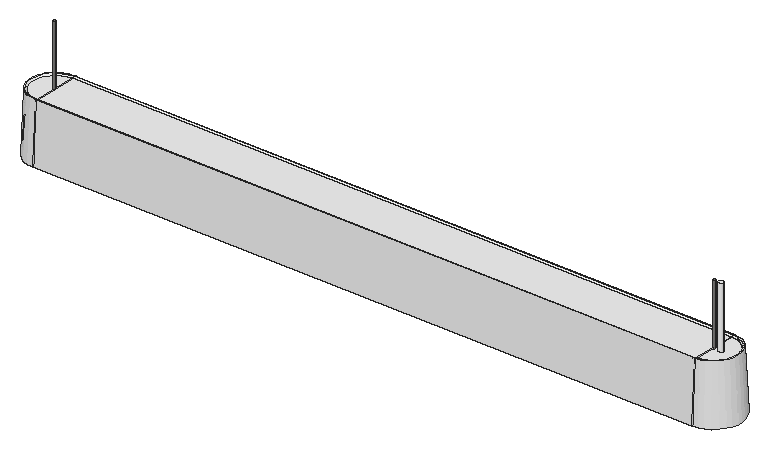
Revit family "CONV_Focus_GnrlPrpseLmnrs_PeleeLine_1200", category Lighting Fixtures, host Ceiling, Revit 2017
Family settings
  Host = Ceiling
  Round Connector Dimension = Use Diameter
  Part Type = Normal
  OmniClass Number = 23.80.70.11
  OmniClass Title = Luminaries for Internal Lighting
  Always vertical = Yes
  Cut with Voids When Loaded = No
  Light Source = Yes
  Shared = No
  Room Calculation Point = No
Parameters (values of type "Pelee line 1200mm 2000lm, downwards")
  Youtube clip = ""
  Weight Net (Kg) = "5"
  Weight = "Ca 5kg."
  Wattage = 13.4642 W
  WarrantyStartDate [instance] = "n/a"
  WarrantyGuarantorParts = "n/a"
  WarrantyGuarantorLabor = "n/a"
  WarrantyDurationUnit = "Years"
  WarrantyDurationParts = "n/a"
  WarrantyDurationLabor = "n/a"
  WarrantyDescription = "n/a"
  built-in parameter 1150110 = 1 (stored number, unit not read)
  VersionDate = "12/02/2019"  # constant formula
  Version = "1"  # constant formula
  UsageCurrent = 0 A
  Uniformat II Description = ""
  Uniformat II Code = ""
  Uniclass2015Reference = "Pr_70_70_48_86"
  Uniclass2015Description = "Suspended luminaires"
  Uniclass2 = "Pr_70_70_49_86"
  Uniclass 2015 Name = "Suspended luminaires"
  Uniclass 2015 Code = "Pr_70_70_48_86"
  Uniclass 2.0 Description = ""
  Uniclass 2.0 Code = ""
  Uniclass 1.4 Description = ""
  Uniclass 1.4 Code = ""
  URL = "http://www.focus-lighting.dk/products/pel%C3%A9e-line/pel%C3%A9e-1200/"
  UNSPSC Code = ""
  TotalWattage = 42 W
  built-in parameter 1114217 = 1 (stored number, unit not read)
  built-in parameter 1150109 = 1 (stored number, unit not read)
  built-in parameter 1150134 = (empty or 0)
  Technical description = "https://www.focus-lighting.dk/products/pel%c3%a9e-line/pel%c3%a9e-1200/"
  TagNumber [instance] = "n/a"
  SustainabilityPerformance = "n/a"
  built-in parameter 1150113 = 1 (stored number, unit not read)
  Size = "1200x92x100 mm"
  Shape = "Sculptured"
  SerialNumber [instance] = "n/a"
  Revision = "1"  # constant formula
  ReplacementCost = "n/a"
  Region South America = "None"
  Region Oceania = "None"
  Region North America = "None"
  Region Middle East = "None"
  Region Europe = "DE, DK, SE"
  Region Asia = "None"
  Region Antarctica = "None"
  Region Africa = "None"
  QR code = "http://bimobject.com/focuslighting/product/Pelee"
  ProductInformation = "The inner conical circles of the Pelée luminaires contribute to a comfortable, non-glaring spread of light."
  ProductDatasheet = "http://www.focus-lighting.dk/products/pel%C3%A9e-line/"
  Product url = "https://www.focus-lighting.dk/products/pel%c3%a9e-line/pel%c3%a9e-1200/"
  Product group = "Pendant"
  Product family = "Indoor"
  Product data url = "https://bimobject.com/focuslighting/product/Pelee"
  Product certification = "https://www.focus-lighting.dk/products/pel%c3%a9e-line/pel%c3%a9e-1200/"
  Product SKU = "Pelee"
  Product Guid = "e413bd8b-ea74-4859-829e-9d0afe831f52"
  PhaseReference = "n/a"
  PhaseAngle = 0.00°
  OmniClass Description = ""
  OmniClass Code = ""
  NumberOfSources = 0
  NumberOfPoles = 1
  NominalVoltageCalc = 230 V
  NominalVoltage = 230 V
  NominalFrequencyRange = 50 Hz
  NominalDepth = 92 mm
  NominalCurrent = 0 A
  Nominal width = 1200 mm
  Nominal height = 100 mm
  Name = "GnrlPrpseLmnrs_PeleeLine_1200"
  NBSReference = "90-60-50/405"
  NBSDescription = "General purpose luminaires"
  NBS Reference Description = "General-Purpose Luminaires"
  NBS Reference Code = "70-50-34"
  ModelReference = "5109-"
  ModelNumber = "n/a"
  Model = "Pelee line 1200mm 2000lm, downwards"
  Material secondary = "Acrylate"
  Material main = "Aluminium"
  Material = "Cast aluminium & acrylate"
  Masterformat 2014 Description = ""
  Masterformat 2014 Code = ""
  ManufacturersSpecificInformation = "n/a"
  ManufacturerURL = "http://www.focus-lighting.dk/home/"
  ManufacturerName = "Focus lighting"
  Manufacturer name = "Focus Lighting"
  Manufacturer country = "Denmark"
  Manufacturer = "Focus lighting"
  MaintenanceFactor = 0
  Lumens = 2000 lm
  built-in parameter 1150115 = 1 (stored number, unit not read)
  built-in parameter 1150105 = 636.62 (stored number, unit not read)
  LightingProtectionClassification = "Class I"
  LightFixtureTertiaryMaterial = Steel
  LightFixtureSecondaryMaterial = Cable white
  LightFixturePlacingType = "Ceiling"
  LightFixtureMountingType = "Pendant installation"
  LightFixtureMainMaterial [instance] = Die cast aluminum white
  Light Source Symbol Size = 609.6 mm
  built-in parameter 1150137 = (empty or 0)
  built-in parameter 1150139 = (empty or 0)
  LensMaterial = Microprismatic acrylate
  built-in parameter 1150112 = 1 (stored number, unit not read)
  built-in parameter 1150114 = 1 (stored number, unit not read)
  LED lifetime = "Min 50.000 timer, L80B10"
  InsulationStandardClass = "n/a"
  InstallationDate [instance] = "n/a"
  Installation instructions = ""
  built-in parameter 1150132 = 2
  built-in parameter 1150102 = (empty or 0)
  built-in parameter 1150138 = (empty or 0)
  built-in parameter 1150107 = 2700 (stored number, unit not read)
  built-in parameter 1150106 = 6.3662 (stored number, unit not read)
  IfcExportType = "NOTDEFINED"  # constant formula
  IfcExportAs = "IfcLightFixtureType"  # constant formula
  IP_Code = "IP 20"
  IFC Classification = "Light Fixture"
  HasProtectiveEarth = yes
  Grade = "n/a"
  GTIN code = ""
  Finish = "Body: cast aluminium powder coated white RAL 9010, silver grey MW300D, black Noir 900, corten brown YX355F; Downward shade: microprismatic acrylate; Upward shade: opalised acrylate."
  Features = "Lead 3m white PKLJ; Suspension 2x2 m steel wire, 1.2mm; Colour temperature 2700, 3000, or 4000 Kelvin."
  ExpectedLife = "50.000"
  Emit from Rectangle Width = 50 mm
  Emit from Rectangle Length = 1120 mm
  Emit Shape Visible in Rendering = no
  ElectricalDeviceNominalPower = 0
  built-in parameter 1150104 = 13.8 (stored number, unit not read)
  Edition number = 1
  DurationUnit = "Hours"
  Driver = "Dali control"
  Dimming Lamp Color Temperature Shift = <None>
  Design country = "Denmark"
  Description = "The inner conical circles of the Pelée luminaires contribute to a comfortable, non-glaring spread of light. The family comprises luminaires to be recessed, surface-mounted, or suspended. Pelée Line is available in various lengths up to six metres. The light is directed down and upwards - see the distribution in the specification below."
  DefaultElevation = 0 mm
  Date of publishing = "3/14/2019"
  ConvergoRefNr = "0154-1802-0001-DK"
  Constituents = "n/a"
  ColorTolerance = "3 steps SDCM"
  ColorRenderingIndex = "Min 90 Ra"
  Color Filter = 16777215
  Color = "White"
  Collection = "Pelee Line"
  CodePerformance = "n/a"
  Category = "Indoor"
  CableLengthControl [instance] = if(CableLength < 100 mm, 100 mm, if(CableLength > 2000 mm, 2000 mm, CableLength))  # 100 mm
  CableLength [instance] = 100 mm
  COBIe Type Category = ""
  Brand url = "http://focus-lighting.dk"
  Brand = "Focus lighting"
  Barcode [instance] = "n/a"
  built-in parameter 1114218 = 1 (stored number, unit not read)
  BIMobject main category code = "lighting"
  BIMobject main category = "Lighting"
  BIMobject category code = "lighting-ceiling-mounted"
  BIMobject category = "Ceiling Mounted"
  BIMObjectName = "CONV_Focus_GnrlPrpseLmnrs_PeleeLine_1200"
  Author = "Convergo AB"  # constant formula
  built-in parameter 1150133 = 10 (stored number, unit not read)
  AssetType = "Fixed"
  AssetIdentifier [instance] = "n/a"
  ArticleNumber = "5109-"
  AccessibilityPerformance = "n/a"
Types (9, lengths in mm): name | Wattage | TotalWattage | ModelReference | Model | Lumens | built-in parameter 1150105 | built-in parameter 1150106 | ArticleNumber
  Pelee line 1200mm 2000lm, downwards | 13.4642 W | 42 W | "5109-" | "Pelee line 1200mm 2000lm, downwards" | 2000 lm | 636.62 (stored number, unit not read) | 6.3662 (stored number, unit not read) | "5109-"
  Pelee line 1200mm 3000lm, downwards | 20.1963 W | 42 W | "5101-" | "Pelee line 1200mm 3000lm, downwards" | 3000 lm | 954.93 (stored number, unit not read) | 9.5493 (stored number, unit not read) | "5101-"
  Pelee line 1200mm 4000lm, downwards | 26.9284 W | 42 W | "5102-" | "Pelee line 1200mm 4000lm, downwards" | 4000 lm | 1273.2 (stored number, unit not read) | 12.732 (stored number, unit not read) | "5102-"
  Pelee line 1200mm 5000lm, up and downwards in a 35/65 ratio | 33.6605 W | 58 W | "5103-" | "Pelee line 1200mm 5000lm, up and downwards in a 35/65 ratio" | 5000 lm | 1591.5 (stored number, unit not read) | 15.915 (stored number, unit not read) | "5103-"
  Pelee line 1200mm 6000lm, up and downwards in a 35/65 ratio | 40.3926 W | 58 W | "5104-" | "Pelee line 1200mm 6000lm, up and downwards in a 35/65 ratio" | 6000 lm | 1909.9 (stored number, unit not read) | 19.099 (stored number, unit not read) | "5104-"
  Pelee line 1200mm 4000lm, up and downwards in a 50/50 ratio | 26.9284 W | 58 W | "5105-" | "Pelee line 1200mm 4000lm, up and downwards in a 50/50 ratio" | 4000 lm | 1273.2 (stored number, unit not read) | 12.732 (stored number, unit not read) | "5105-"
  Pelee line 1200mm 6000lm, up and downwards in a 50/50 ratio | 26.9284 W | 58 W | "5106-" | "Pelee line 1200mm 6000lm, up and downwards in a 50/50 ratio" | 4000 lm | 1273.2 (stored number, unit not read) | 12.732 (stored number, unit not read) | "5106-"
  Pelee line 1200mm 5000lm, up and downwards in a 65/35 ratio | 33.6605 W | 58 W | "5107-" | "Pelee line 1200mm 5000lm, up and downwards in a 65/35 ratio" | 5000 lm | 1591.5 (stored number, unit not read) | 15.915 (stored number, unit not read) | "5107-"
  Pelee line 1200mm 6000lm, up and downwards in a 65/35 ratio | 40.3926 W | 58 W | "5108-" | "Pelee line 1200mm 6000lm, up and downwards in a 65/35 ratio" | 6000 lm | 1909.9 (stored number, unit not read) | 19.099 (stored number, unit not read) | "5108-"
Reference planes
  plane 1 "Light Source Axis (F/B)": y = 0
  plane 2: z = 0
  plane 3 "Light Source Axis (L/R)": x = 0
  plane 4 "Ceiling": z = 4000
  plane 5 "Light Source Elevation": z = 3800
  plane 6: x = -600
  plane 7: y = 46
  plane 8: x = 600
  plane 9: y = -46
  plane 10: z = 3800
  plane 11: z = 3900
Dimensions and locks
  equal spacing: host sketch curve, plane 3 "Light Source Axis (L/R)", host sketch curve
  equal spacing: host sketch curve, plane 1 "Light Source Axis (F/B)", host sketch curve
  host sketch curve to host sketch curve = 4000 mm  (x2)
  locked: plane 4 "Ceiling" to host ceiling at 0
  equal spacing: plane 7, plane 1 "Light Source Axis (F/B)", plane 9
  "NominalDepth": plane 7 to plane 9
  equal spacing: plane 6, plane 3 "Light Source Axis (L/R)", plane 8
  locked: plane 6 to plane 8 at 1200
  plane 2 to plane 4 "Ceiling" = 4000 mm
  locked: plane 10 to plane 11 at 100
  "CableLengthControl": plane 11 to plane 4 "Ceiling"
  aligned and locked: plane 5 "Light Source Elevation" to imposter light
  aligned and locked: plane 1 "Light Source Axis (F/B)" to nested 1
  aligned and locked: plane 5 "Light Source Elevation" to plane 10
  aligned and locked: nested 1 to plane 10
Nested families
  nested 1: "Pelee" at (0, 0, 3800), CableLength <- "CableLengthControl", Body <- "LightFixtureMainMaterial", Lens <- "LensMaterial", PowerCable <- "LightFixtureSecondaryMaterial", MetalCable <- "LightFixtureTertiaryMaterial", type "Pelee"
    with PowerCable Cable white, MetalCable Steel, Lens Microprismatic acrylate, CableLength 100 mm, Body Die cast aluminum white
Connectors
  electrical at (566.028, 0, 4000), driven by "NominalVoltage"
    settings: on nested 1, index 1, voltage 230 V, apparent load 0 VA, apparent load phase1 0 VA, apparent load phase2 0 VA, apparent load phase3 0 VA, power factor 1, load classification "Other", number of poles 1, system type 31, power factor state 1, is connector primary yes, connector utility no, sub classification motor no, connector description ""
Definition of nested family "Pelee"
  Parameters (values of type "Pelee")
    MetalCable [instance] = none
    Lens [instance] = none
    CableLength [instance] = 200 mm
    PowerCable [instance] = none
    Body [instance] = none
  Reference planes
    plane 1 "Center (Front/Back)": y = 0
    plane 2: z = 0
    plane 3 "Center (Left/Right)": x = 0
    plane 4: x = -600
    plane 5: x = 600
    plane 6: y = 46
    plane 7: y = -46
    plane 8: z = 100
  Forms (mm)
    Extrusion 1, solid, material <- "Body", detail levels medium+fine
      sketch origin (0, 0, 0) x (0, 1, 0) y (0, 0, 1)
        loop
          arc (45.296, 0) -> (45.477, 50.11) -> (40.782, 100) r 514.598
          line (40.782, 100) -> (39, 100) -> (36.934, 97.934) -> (-36.934, 97.934) -> (-39, 100) -> (-40.782, 100)
          arc (-40.782, 100) -> (-45.477, 50.11) -> (-45.296, 0) r 514.598
          line (-45.296, 0) -> (-43.995, 0) -> (-43.4, 2.801) -> (-41.865, 2.966) -> (-41.262, 5.801) -> (-39.727, 5.966) -> (-39.125, 8.801) -> (-37.59, 8.966) -> (-36.987, 11.801) -> (-35.452, 11.966) -> (-34.849, 14.801) -> (-33.314, 14.966) -> (-32.738, 17.676) -> (-37.453, 17.676)
          arc (-37.453, 17.676) -> (-39.119, 19.342) -> (-37.453, 21.008) r 1.666
          line (-37.453, 21.008) -> (-42.498, 23.137)
          arc (-42.498, 23.137) -> (-41.28, 55.057) -> (-38.043, 86.835) r 504.288
          line (-38.043, 86.835) -> (38.043, 86.835)
          arc (38.043, 86.835) -> (41.28, 55.057) -> (42.498, 23.137) r 504.288
          line (42.498, 23.137) -> (37.453, 21.008)
          arc (37.453, 21.008) -> (39.119, 19.342) -> (37.453, 17.676) r 1.666
          line (37.453, 17.676) -> (32.738, 17.676) -> (33.314, 14.966) -> (34.849, 14.801) -> (35.452, 11.966) -> (36.987, 11.801) -> (37.59, 8.966) -> (39.125, 8.801) -> (39.727, 5.966) -> (41.262, 5.801) -> (41.865, 2.966) -> (43.4, 2.801) -> (43.995, 0) -> (45.296, 0)
      from -554 to 554
    Revolve 2, solid, material <- "Body", detail levels medium+fine
      sketch origin (554, 0, 0) x (0, 1, 0) y (0, 0, 1)
        loop
          arc (45.296, 0) -> (45.477, 50.11) -> (40.782, 100) r 514.598
          line (40.782, 100) -> (39, 100) -> (36.934, 97.934) -> (0, 97.934) -> (0, 86.835) -> (38.043, 86.835)
          arc (38.043, 86.835) -> (41.28, 55.057) -> (42.498, 23.137) r 504.288
          line (42.498, 23.137) -> (37.453, 21.008)
          arc (37.453, 21.008) -> (39.119, 19.342) -> (37.453, 17.676) r 1.666
          line (37.453, 17.676) -> (32.738, 17.676) -> (33.314, 14.966) -> (34.849, 14.801) -> (35.452, 11.966) -> (36.987, 11.801) -> (37.59, 8.966) -> (39.125, 8.801) -> (39.727, 5.966) -> (41.262, 5.801) -> (41.865, 2.966) -> (43.4, 2.801) -> (43.995, 0) -> (45.296, 0)
        axis (0, 100) -> (0, 0)
      angle from 0 to -180
    Revolve 3, solid, material <- "Body", detail levels medium+fine
      sketch origin (-554, 0, 0) x (0, 1, 0) y (0, 0, 1)
        loop
          line (-45.296, 0) -> (-43.995, 0) -> (-43.4, 2.801) -> (-41.865, 2.966) -> (-41.262, 5.801) -> (-39.727, 5.966) -> (-39.125, 8.801) -> (-37.59, 8.966) -> (-36.987, 11.801) -> (-35.452, 11.966) -> (-34.849, 14.801) -> (-33.314, 14.966) -> (-32.738, 17.676) -> (-37.453, 17.676)
          arc (-37.453, 17.676) -> (-39.119, 19.342) -> (-37.453, 21.008) r 1.666
          line (-37.453, 21.008) -> (-42.498, 23.137)
          arc (-42.498, 23.137) -> (-41.28, 55.057) -> (-38.043, 86.835) r 504.288
          line (-38.043, 86.835) -> (0, 86.835) -> (0, 97.934) -> (-36.934, 97.934) -> (-39, 100) -> (-40.782, 100)
          arc (-40.782, 100) -> (-45.477, 50.11) -> (-45.296, 0) r 514.598
        axis (0, 100) -> (0, 0)
      angle from 0 to 180
    Extrusion 4, solid, material <- "Lens", detail levels medium+fine
      sketch origin (0, 0, 0) x (1, 0, 0) y (0, 1, 0)
        loop
          line (549.728, 35.738) -> (-550.022, 35.738)
          arc (-550.022, 35.738) -> (-585.76, 0) -> (-550.022, -35.738) r 35.738
          line (-550.022, -35.738) -> (549.728, -35.738)
          arc (549.728, -35.738) -> (585.466, 0) -> (549.728, 35.738) r 35.738
      from 17.999 to 20.5
    Extrusion 5, solid, material <- "MetalCable", detail levels medium+fine
      sketch origin (-733.254, -1524, 100) x (-1, 0, 0) y (0, -1, 0)
        loop
          circle (-178.254, -1524) r 2
        loop
          circle (-1288.254, -1524) r 2
      from -2.066 to 200 <- "CableLength"
    Extrusion 6, solid, material <- "PowerCable", detail levels medium+fine
      sketch origin (-733.254, -1524, 100) x (-1, 0, 0) y (0, -1, 0)
        loop
          circle (-1299.282, -1524) r 4
      from -3 to 200 <- "CableLength"
    Extrusion 7, solid, material <- "Body", detail levels coarse
      sketch origin (-733.254, -1524, 100) x (-1, 0, 0) y (0, -1, 0)
        loop
          line (-133.254, -1570) -> (-133.254, -1478) -> (-1333.254, -1478) -> (-1333.254, -1570) -> (-133.254, -1570)
      from -100 to 200 <- "CableLength"
  Lines and regions (mm)
    symbolic lines, detail levels medium+fine
      curve 1: line (0, 45.296, 0) -> (0, -45.296, 0)
      curve 2: line (0, 40.782, 100) -> (0, 4, 100)
      curve 3: arc (0, 45.296, 0) -> (0, 45.477, 50.11) -> (0, 40.782, 100) r 514.598
      curve 4: arc (0, -40.782, 100) -> (0, -45.477, 50.11) -> (0, -45.296, 0) r 514.598
      curve 5: line (0, 4, 300) -> (0, 4, 100)
      curve 6: line (0, 4, 300) -> (0, -4, 300)
      curve 7: line (0, -4, 300) -> (0, -4, 100)
      curve 9: line (0, -4, 100) -> (0, -40.782, 100)
      curve 10: arc (-599.296, 0, 0) -> (-599.477, 0, 50.11) -> (-594.782, 0, 100) r 514.598
      curve 11: line (-594.782, 0, 100) -> (-557, 0, 100)
      curve 12: line (-599.296, 0, 0) -> (599.296, 0, 0)
      curve 13: arc (599.296, 0, 0) -> (599.477, 0, 50.11) -> (594.782, 0, 100) r 514.598
      curve 14: line (-553, 0, 300) -> (-557, 0, 300)
      curve 15: line (557, 0, 300) -> (553, 0, 300)
      curve 16: line (570.028, 0, 300) -> (562.028, 0, 300)
      curve 17: line (-557, 0, 300) -> (-557, 0, 100)
      curve 18: line (-553, 0, 300) -> (-553, 0, 100)
      curve 19: line (553, 0, 300) -> (553, 0, 100)
      curve 20: line (557, 0, 300) -> (557, 0, 100)
      curve 21: line (562.028, 0, 300) -> (562.028, 0, 100)
      curve 22: line (570.028, 0, 300) -> (570.028, 0, 100)
      curve 24: line (557, 0, 100) -> (562.028, 0, 100)
      curve 26: line (570.028, 0, 100) -> (594.782, 0, 100)
      curve 28: line (-553, 0, 100) -> (553, 0, 100)
      curve 29: arc (-554, 45.996, 100) -> (-599.996, 0, 100) -> (-554, -45.996, 100) r 45.996
      curve 30: line (554, 45.996, 100) -> (-554, 45.996, 100)
      curve 31: line (554, -45.996, 100) -> (-554, -45.996, 100)
      curve 32: arc (554, -45.996, 100) -> (599.996, 0, 100) -> (554, 45.996, 100) r 45.996
    symbolic lines, detail levels fine
      curve 8: line (0, 4, 100) -> (0, -4, 100)
      curve 23: line (553, 0, 100) -> (557, 0, 100)
      curve 25: line (562.028, 0, 100) -> (570.028, 0, 100)
      curve 27: line (-557, 0, 100) -> (-553, 0, 100)
      curve 33: arc (-554, 32.738, 100) -> (-586.738, 0, 100) -> (-554, -32.738, 100) r 32.738
      curve 34: line (554, 32.738, 100) -> (-554, 32.738, 100)
      curve 35: line (554, -32.738, 100) -> (-554, -32.738, 100)
      curve 36: arc (554, -32.738, 100) -> (586.738, 0, 100) -> (554, 32.738, 100) r 32.738
  Dimensions and locks
    equal spacing: plane 6, plane 1 "Center (Front/Back)", plane 7
    plane 6 to plane 1 "Center (Front/Back)" = 46 mm
    equal spacing: plane 4, plane 3 "Center (Left/Right)", plane 5
    plane 4 to plane 3 "Center (Left/Right)" = 600 mm
    locked: Extrusion 1 to plane 4 at 46
    locked: plane 5 to Extrusion 1 at 46
    locked: plane 4 to Extrusion 5 sketch curve at 45
    locked: Extrusion 5 sketch curve to plane 5 at 45
    aligned and locked: level to plane 2
    aligned and locked: curve 6 to Extrusion 6
    aligned and locked: Extrusion 5 to curve 14
    aligned and locked: curve 15 to Extrusion 5
    aligned and locked: curve 16 to Extrusion 6
    aligned and locked: Extrusion 7 sketch curve to plane 6
    aligned and locked: plane 4 to Extrusion 7 sketch curve
    aligned and locked: plane 7 to Extrusion 7 sketch curve
    aligned and locked: Extrusion 7 sketch curve to plane 5
  Automatic sketch dimensions
    curve 4 to level = 0 mm
    curve 9 to plane 8 = 0 mm
    level to curve 3 = 26.904 mm
    curve 3 to plane 7 = 422.598 mm
    plane 7 to curve 1 = 0.704 mm
    plane 1 "Center (Front/Back)" to curve 9 = 40.782 mm
    plane 1 "Center (Front/Back)" to curve 9 = 4 mm
    curve 5 to plane 1 "Center (Front/Back)" = 4 mm
    curve 2 to plane 6 = 5.218 mm
    level to curve 4 = 26.904 mm
    curve 10 to level = 0 mm
    curve 11 to plane 8 = 0 mm
    plane 4 to curve 12 = 0.704 mm
    plane 4 to curve 11 = 5.218 mm
    plane 4 to curve 14 = 43 mm
    curve 11 to curve 18 = 4 mm
    level to curve 10 = 26.904 mm
    level to curve 13 = 26.904 mm
    plane 3 "Center (Left/Right)" to curve 13 = 85.402 mm
    curve 28 to plane 5 = 47 mm
    curve 19 to curve 20 = 4 mm
    curve 20 to curve 24 = 5.028 mm
    curve 21 to curve 22 = 8 mm
    curve 26 to plane 5 = 5.218 mm
    Extrusion 1 sketch curve to level = 0 mm  (x2)
    Extrusion 1 sketch curve to plane 8 = 0 mm  (x2)
    level to Extrusion 1 sketch curve = 26.904 mm
    Extrusion 1 sketch curve to plane 7 = 422.598 mm
    Extrusion 1 sketch curve to Extrusion 1 sketch curve = 6.819 mm  (x2)
    plane 7 to Extrusion 1 sketch curve = 0.704 mm
    Extrusion 1 sketch curve to Extrusion 1 sketch curve = 1.301 mm  (x2)
    plane 7 to Extrusion 1 sketch curve = 2.6 mm
    plane 7 to Extrusion 1 sketch curve = 3.502 mm
    Extrusion 1 sketch curve to Extrusion 1 sketch curve = 1.535 mm  (x10)
    Extrusion 1 sketch curve to Extrusion 1 sketch curve = 0.603 mm  (x8)
    plane 1 "Center (Front/Back)" to Extrusion 1 sketch curve = 40.782 mm
    Extrusion 1 sketch curve to Extrusion 1 sketch curve = 1.782 mm  (x2)
    plane 7 to Extrusion 1 sketch curve = 7.957 mm
    Extrusion 1 sketch curve to Extrusion 1 sketch curve = 5.045 mm
    Extrusion 1 sketch curve to plane 8 = 2.066 mm
    Extrusion 1 sketch curve to Extrusion 1 sketch curve = 2.066 mm  (x2)
    Extrusion 1 sketch curve to Extrusion 1 sketch curve = 0.576 mm  (x2)
    Extrusion 1 sketch curve to plane 6 = 13.262 mm
    Extrusion 1 sketch curve to plane 6 = 9.066 mm
    Extrusion 1 sketch curve to Extrusion 1 sketch curve = 4.715 mm
    Extrusion 1 sketch curve to plane 6 = 7.957 mm
    Extrusion 1 sketch curve to plane 6 = 3.502 mm
    level to Extrusion 1 sketch curve = 19.879 mm
    plane 6 to Extrusion 1 sketch curve = 415.779 mm
    level to Extrusion 1 sketch curve = 2.801 mm  (x2)
    Extrusion 1 sketch curve to Extrusion 1 sketch curve = 0.165 mm  (x10)
    Extrusion 1 sketch curve to Extrusion 1 sketch curve = 2.835 mm  (x8)
    Extrusion 1 sketch curve to Extrusion 1 sketch curve = 2.71 mm
    Extrusion 1 sketch curve to Extrusion 1 sketch curve = 2.875 mm
    Extrusion 1 sketch curve to Extrusion 1 sketch curve = 1.666 mm  (x2)
    Extrusion 1 sketch curve to Extrusion 1 sketch curve = 7.025 mm
    Extrusion 1 sketch curve to Extrusion 1 sketch curve = 2.128 mm
    Extrusion 1 to Revolve 2 sketch curve = 0 mm  (x14)
    Revolve 2 sketch curve to Extrusion 1 = 0 mm  (x16)
    Revolve 2 sketch curve to Revolve 2 sketch curve = 38.043 mm
    Extrusion 1 to Revolve 2 sketch curve = 3.332 mm
    Revolve 2 sketch curve to Revolve 2 sketch curve = 32.738 mm
    Revolve 3 sketch curve to Extrusion 1 = 0 mm  (x28)
    Extrusion 1 to Revolve 3 sketch curve = 0 mm
    Revolve 3 sketch curve to Revolve 3 sketch curve = 38.043 mm
    Revolve 3 sketch curve to Revolve 3 sketch curve = 0 mm
    Revolve 3 sketch curve to Extrusion 1 = 21.835 mm
    Revolve 3 sketch curve to Revolve 3 sketch curve = 10 mm
    plane 1 "Center (Front/Back)" to Extrusion 4 sketch curve = 0 mm
    plane 4 to Extrusion 4 sketch curve = 49.978 mm
    Extrusion 4 sketch curve to plane 5 = 50.272 mm
    plane 7 to Extrusion 4 sketch curve = 10.262 mm
    plane 1 "Center (Front/Back)" to Extrusion 5 sketch curve = 0 mm  (x2)
    plane 1 "Center (Front/Back)" to Extrusion 6 sketch curve = 0 mm
    Extrusion 6 sketch curve to plane 5 = 33.972 mm
    plane 1 "Center (Front/Back)" to curve 29 = 0 mm
    curve 30 to plane 6 = 0.004 mm
    plane 4 to curve 30 = 46 mm
    curve 31 to plane 5 = 46 mm
    curve 29 to curve 33 = 0 mm  (x2)
    curve 29 to curve 34 = 13.258 mm
    curve 35 to curve 31 = 0 mm
    radius of Revolve 2 sketch curve to Extrusion 1 = 0 mm  (x3)
    radius of Revolve 3 sketch curve to Extrusion 1 = 0 mm  (x3)
    radius of Extrusion 5 sketch curve = 2 mm  (x2)
    radius of Extrusion 6 sketch curve = 4 mm
